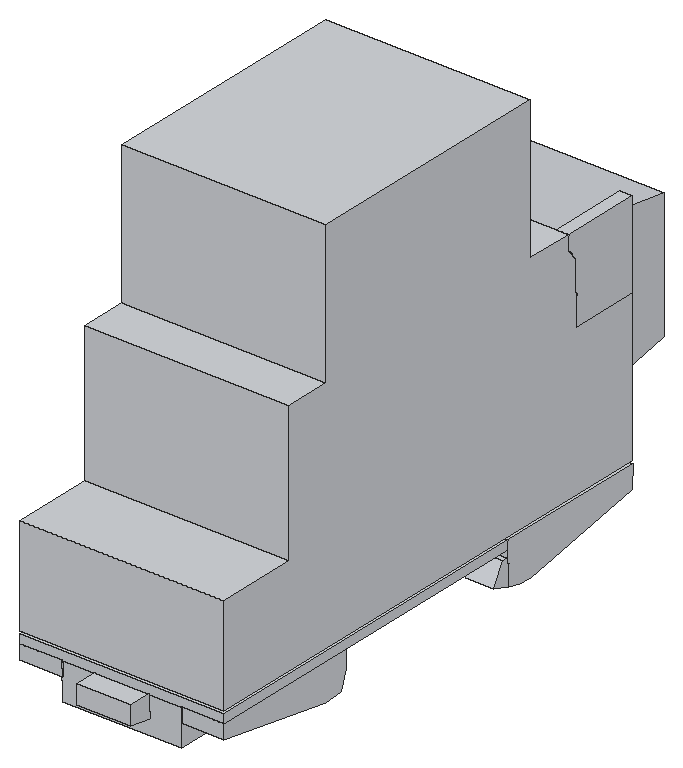
Revit family "Gira_257200", category Electrical Fixtures, host Face, Revit 2017
Family settings
  Host = Face
  Maintain Annotation Orientation = No
  Round Connector Dimension = Use Diameter
  Part Type = Normal
  Cut with Voids When Loaded = No
  Shared = No
  Room Calculation Point = No
Parameters (values of type "DCS-Repeater DRA Door communication")
  With label area = no
  URL = "https://www.gira.de/"
  Type of voltage (input voltage) = ""
  Type of load = ""
  Type of fastening = ""
  Type Comments = ""
  Transparent = no
  Surface protection = ""
  Surface finishing = ""
  Suitable for degree of protection (IP) = ""
  Serial dimmer = no
  Radio frequent bidirectional = no
  Number of inputs = 0
  Nominal voltage [Volt] = ""
  Model = ""
  Method of operation = ""
  Material quality = ""
  Material = ""
  Manufacturer = "Gira"
  Light value memory = no
  Keynote = ""
  Input voltage [Volt] = ""
  HeinzeBIM = "https://www.heinze.de/bim/dcs-repeater-dra-door-communication/52df534c91ab5ae52374698e5abb2b8be813e452"
  Halogen free = no
  HAN = "257200"
  GTIN = "4010337011125"
  Frequency [Hz] = ""
  Dimming phase cut-on = no
  Dimming phase cut-off = no
  Description = "DCS repeater Door DCS repeater,DRA Features: - Active component for extending a Gira door communication system with audio and video function. - Range extension and increase of the number of devices when using additional control devices. - Amplification of the audio and data signals of the door communication system in both directions. Repeater mode: - Interconnects two line segments, to double both the number of devices in a video or audio door communication system and the cable range. - Important: An additional control device is required to supply power to the second line segment. Multi-conversation mode: - In multi-conversation mode, the complete system is subdivided into several lines (one main line, up to five ancillary lines) interconnected via the DCS repeater. - Power is supplied to each line by its own control device. - Up to five DCS repeaters can be used in one system in multi-conversation mode.,Notes : - Data backup   The configuration of the DCS repeater can be backed up to a microSD card. - Commissioning   The DCS repeater can also be commissioned without a microSD card."
  Default Elevation = 1219.2 mm
  Cost = 0
  Anschlussart = ""
  Colour = ""
  Bus connection included = no
  BIMSITE_PRODUCT_ID = "52df534c91ab5ae52374698e5abb2b8be813e452"
  BIM = "https://media.live.bim.site/t/eyJhbGciOiJIUzI1NiIsInR5cCI6IkpXVCJ9.eyJjdCI6MSwidGYiOiJwdWJsaWMvZ2lyYS8wOWY1ZGI1L0dpcmEgWDEgUkVHIEtOWC5yZmEiLCJjaWQiOiJmZWQ5OGU5YS0xYmQ4LTRjNjgtYTczYi03NGE5NGUzMTU4MjMiLCJyaWQiOiJhNmFiNDg4MDFjZmE3MjY2NjU3ODczYTIwZWMyZGMwMiIsInBpZCI6IjUyZGY1MzRjOTFhYjVhZTUyMzc0Njk4ZTVhYmIyYjhiZTgxM2U0NTIiLCJzaWQiOiI2MzQ3MCIsInV0Ijo1LCJsYyI6ImVuIiwiaWF0IjoxNjA3NDM4MTIxLCJpc3MiOiJodHRwczovL2FwaS5saXZlLmJpbS5zaXRlIiwic3ViIjoiOGQzYWE1Y2ItZTA2Ni00NTk4LWJlMTYtNmUxNmVlNzQ5NTZhIn0.SWA91EoprzpU-AVDxO4vnAdhEH0ILikAuakUwXu8_7M/Gira X1 REG KNX.rfa"
  Zusammenstellung = ""
  Assembly Code = ""
  Applicable with transmission button = no
  Applicable with time switch/timer = no
  Applicable with presence indicator = no
  Applicable with movement sensor = no
  Applicable with infrared button = no
  Applicable with button = no
  App control via Bluetooth = no
Reference planes
  plane 1 "Center (Front/Back)": y = 0
  plane 2: z = 0
  plane 3 "Center (Left/Right)": x = 0
Forms (mm)
  Extrusion 1, solid, detail levels fine
    sketch origin (0, -0.2, 0) x (0, 1, 0) y (0, 0, 1)
      loop
        line (22.65, 43.82) -> (22.65, 68.77) -> (-22.25, 68.77) -> (-22.25, 43.82) -> (-30.4, 43.82) -> (-30.4, 19.42) -> (-44.8, 19.42) -> (-44.8, 1.97) -> (45.192, 1.97) -> (45.192, 28.47) -> (32.925, 28.47) -> (32.831, 39.259) -> (31.225, 41.242) -> (31.225, 43.82) -> (22.65, 43.82)
    from -17.95 to 17.95
  Extrusion 2, solid, detail levels fine
    sketch origin (0, -0.2, 0) x (0, 1, 0) y (0, 0, 1)
      loop
        line (45.192, 43.82) -> (31.225, 43.82) -> (31.225, 41.242) -> (32.831, 39.259) -> (32.925, 28.47) -> (45.192, 28.47) -> (45.192, 43.82)
    from -17.95 to -15.8
  Extrusion 3, solid, detail levels fine
    sketch origin (0, -0.2, 0) x (0, 1, 0) y (0, 0, -1)
      loop
        line (45.192, -43.82) -> (45.192, -28.47) -> (32.925, -28.47) -> (32.831, -39.259) -> (31.225, -41.242) -> (31.225, -43.82) -> (45.192, -43.82)
    from -17.95 to -15.8
  Extrusion 4, solid, detail levels fine
    sketch origin (0, -0.2, 0) x (0, 1, 0) y (0, 0, 1)
      loop
        line (31.5, 42.848) -> (31.5, 40.412)
        arc (31.5, 40.412) -> (38.359, 39.512) -> (45.192, 38.435) r 267
        line (45.192, 38.435) -> (45.192, 14.255)
        arc (45.192, 14.255) -> (50.205, 15.189) -> (55.2, 16.219) r 264.9
        line (55.2, 16.219) -> (55.2, 38.933)
        arc (55.2, 38.933) -> (43.394, 41.159) -> (31.5, 42.848) r 265
    from -15.506 to 15.5
  Extrusion 5, solid, detail levels fine
    sketch origin (0, -0.2, 0) x (0, 1, 0) y (0, 0, 1)
      loop
        line (45.2, 1.5) -> (17.774, 1.5) -> (17.905, -6.017)
        arc (17.905, -6.017) -> (20.285, -6.454) -> (22.7, -6.6) r 20
        arc (22.7, -6.6) -> (33.985, -5.009) -> (45.128, -2.618) r 160
        line (45.128, -2.618) -> (45.2, 1.5)
    from -17.95 to 18
  Extrusion 6, solid, detail levels fine
    sketch origin (0, -0.2, 0) x (0, 1, 0) y (0, 0, 1)
      loop
        line (17.905, -6.017) -> (17.824, -1.4) -> (16.8, -1.4) -> (14.749, -4.952)
        arc (14.749, -4.952) -> (16.305, -5.55) -> (17.905, -6.017) r 20
    from -17.95 to -13
  Extrusion 7, solid, detail levels fine
    sketch origin (0, -0.2, 0) x (0, 1, 0) y (0, 0, -1)
      loop
        arc (17.905, 6.017) -> (16.305, 5.55) -> (14.749, 4.952) r 20
        line (14.749, 4.952) -> (16.8, 1.4) -> (17.824, 1.4) -> (17.905, 6.017)
    from -17.95 to -13
  Extrusion 8, solid, detail levels fine
    sketch origin (0, -0.2, 0) x (0, 1, 0) y (0, 0, 1)
      loop
        line (17.8, 0) -> (17.774, 1.5) -> (-44.8, 1.5) -> (-44.774, 0) -> (17.8, 0)
    from -17.95 to 17.95
  Extrusion 9, solid, detail levels fine
    sketch origin (0, 0, 0) x (0, 1, 0) y (0, 0, 1)
      loop
        line (-48.916, -3.317) -> (-44.906, -3.881) -> (-44.974, 0) -> (-48.916, 0) -> (-48.916, -3.317)
    from -4.803 to 4.797
  Extrusion 10, solid, detail levels fine
    sketch origin (0, 0, 0) x (0, 1, 0) y (0, 0, 1)
      loop
        arc (-22.5, -6.6) -> (-20.811, -6.529) -> (-19.134, -6.315) r 20
        line (-19.134, -6.315) -> (-18.029, -3.279) -> (-18, 0) -> (-44.974, 0) -> (-44.928, -2.618)
        arc (-44.928, -2.618) -> (-33.785, -5.009) -> (-22.5, -6.6) r 160
    from -17.95 to -10.5
  Extrusion 11, solid, detail levels fine
    sketch origin (0, 0, 0) x (0, 1, 0) y (0, 0, -1)
      loop
        arc (-22.5, 6.6) -> (-33.785, 5.009) -> (-44.928, 2.618) r 160
        line (-44.928, 2.618) -> (-44.974, 0) -> (-18, 0) -> (-18.029, 3.279) -> (-19.134, 6.315)
        arc (-19.134, 6.315) -> (-20.811, 6.529) -> (-22.5, 6.6) r 20
    from -17.95 to -10.5
  Extrusion 12, solid, detail levels fine
    sketch origin (0, 0, 0) x (0, 1, 0) y (0, 0, 1)
      loop
        line (-30.708, -6.6) -> (-30.65, 0) -> (-44.974, 0) -> (-44.859, -6.6) -> (-30.708, -6.6)
    from -10.5 to 10.5
  Extrusion 13, solid, detail levels fine
    sketch origin (0, 0, 0) x (1, 0, 0) y (0, 1, 0)
      loop
        circle (-0.003, -20.023) r 1
    from -7.682 to 0
  Extrusion 14, solid, detail levels fine
    sketch origin (0, 0, 0) x (0, 1, 0) y (0, 0, 1)
      loop
        line (-17.523, -0.8) -> (-17.523, 0) -> (-30.65, 0) -> (-30.684, -3.9) -> (-27.106, -3.9) -> (-27.106, -5.6) -> (-19.623, -6.6) -> (-18.03, -6.6) -> (-15.023, -2.682) -> (-15.023, -1.517) -> (-17.523, -0.8)
    from -4.503 to 4.5
  Extrusion 15, solid, detail levels fine
    sketch origin (0, 0, 0) x (1, 0, 0) y (0, 1, 0)
      loop
        line (16.859, 43.848) -> (-16.859, 43.848) -> (-16.859, -43.859) -> (16.859, -43.859) -> (16.859, 43.848)
    from 1.5 to 4
  Extrusion 16, solid, detail levels medium
    sketch origin (0, 0, 0) x (0, 1, 0) y (0, 0, 1)
      loop
        line (22.45, 68.77) -> (-22.45, 68.77) -> (-22.45, 43.82) -> (-30.6, 43.82) -> (-30.6, 19.42) -> (-45, 19.42) -> (-45, 0) -> (-48.916, 0) -> (-48.916, -6.6) -> (-15.023, -6.6) -> (-15.023, 0) -> (14.549, 0) -> (14.549, -6.6) -> (44.992, -6.6) -> (44.992, 14.255)
        arc (44.992, 14.255) -> (50.005, 15.189) -> (55, 16.219) r 264.9
        line (55, 16.219) -> (55, 38.933)
        arc (55, 38.933) -> (50.005, 39.943) -> (44.992, 40.856) r 265
        line (44.992, 40.856) -> (44.992, 43.82) -> (22.45, 43.82) -> (22.45, 68.77)
    from -17.95 to 17.95
  Extrusion 17, solid, detail levels coarse
    sketch origin (0, 0, 0) x (1, 0, 0) y (0, 1, 0)
      loop
        line (-17.95, 55) -> (-17.95, -48.916) -> (17.95, -48.916) -> (17.95, 55) -> (-17.95, 55)
    from -7.682 to 68.77
Dimensions and locks
  aligned and locked: plane 2 to host face
  aligned and locked: level to host face
Connectors
  electrical at (0, -13.687, 0)
    settings: on Extrusion 8, index 1, voltage 24 V, apparent load 0 VA, apparent load phase1 0 VA, apparent load phase2 0 VA, apparent load phase3 0 VA, power factor 1, load classification "Other", number of poles 1, system type 30, power factor state 1, is connector primary yes, connector utility no, sub classification motor no, connector description ""
